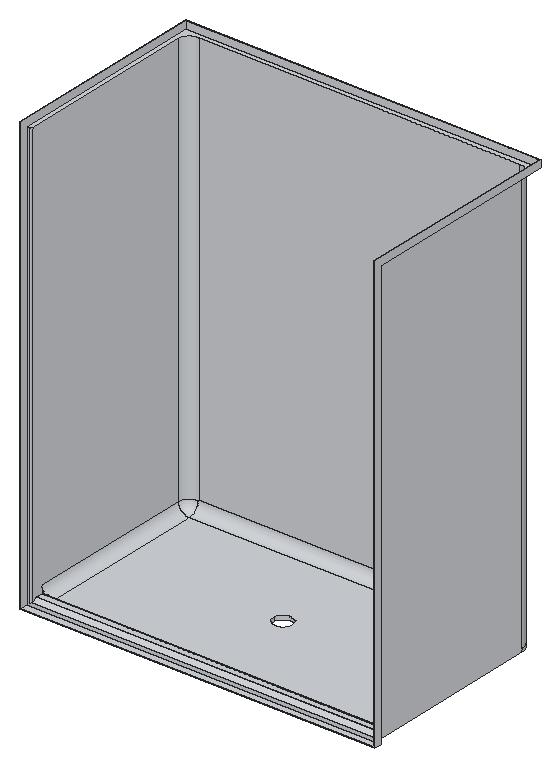
Revit family "OASIS SHFW-6235", category Plumbing Fixtures, Revit 2017
Family settings
  Round Connector Dimension = Use Diameter
  Part Type = Normal
  OmniClass Number = 23.45.05.14.17.11
  OmniClass Title = Shower Compartments
  Work Plane-Based = No
  Always vertical = Yes
  Cut with Voids When Loaded = No
  Shared = No
  Room Calculation Point = No
Parameters (values of type "Base Model, 3SF, 3SM, FH, TLRF, TLRFDS, & TLVRF packages")
  Width [instance] = 62"
  URL = "www.oasisbath.com"
  Type Comments = "SHOWER"  # constant formula
  Stainless Steel = none
  Shower Rod = no
  Seat Finish = none
  Seat_Fold = no
  Sanitary Radius = 1 11/16"
  Sanitary Connector = "Sanitary Connection"  # constant formula
  Product Documentation Link [instance] = "www.oasisbath.com"
  Model = "SHFW-6235/(3SF,3SM,TLRF,TLRFDS,TLVRF)"
  Manufacturer = "OASIS"  # constant formula
  Height [instance] = 76 3/4"
  Grab Bar Finish = none
  Bar_Vert = no
  Bar_Horz_Right = no
  Bar_Horz_Left = no
  Bar_Horz_Back_36" = no
  Bar_Horz_Back_48" = no
  BIM Model By = "www.epoch-design.com"
  Description = ""
  Depth [instance] = 36 1/4"
  Color = none
Types (6): name | Shower Rod | Seat_Fold | Model | Bar_Vert | Bar_Horz_Right | Bar_Horz_Left | Bar_Horz_Back_36" | Bar_Horz_Back_48"
  Base Model, 3SF, 3SM, FH, TLRF, TLRFDS, & TLVRF packages | no | no | "SHFW-6235/(3SF,3SM,TLRF,TLRFDS,TLVRF)" | no | no | no | no | no
  2BAR package | no | no | "SHFW-6235/2BAR" | no | no | yes | yes | no
  ADA-TL package | yes | yes | "SHFW-6235/ADA-TL" | no | no | yes | yes | no
  ADA-RI package | yes | no | "SHFW-6235/ADA-RI" | no | yes | yes | no | yes
  3BAR package | no | no | "SHFW-6235/3BAR" | yes | no | yes | yes | no
  ANS17 package | no | yes | "SHFW-6235/ANS17" | yes | no | yes | yes | no
Reference planes (in)
  plane 1 "Back": y = 0
  plane 2 "Floor": z = 0
  plane 3 "Center (Left/Right)": x = 0
Forms (in)
  Sweep 1, solid, material <- "Color", detail levels medium+fine
    path origin (0, 0, 0) x (1, 0, 0) y (0, 1, 0)
      loop
        line (30.875, -36.25) -> (30.875, -35) -> (30.25, -35)
        arc (30.25, -35) -> (30.07322, -34.92678) -> (30, -34.75) r 0.25
        line (30, -34.75) -> (30, -3)
        arc (30, -3) -> (29.41421, -1.58579) -> (28, -1) r 2
        line (28, -1) -> (-28, -1)
        arc (-28, -1) -> (-29.41421, -1.58579) -> (-30, -3) r 2
        line (-30, -3) -> (-30, -34.75)
        arc (-30, -34.75) -> (-30.07322, -34.92678) -> (-30.25, -35) r 0.25
        line (-30.25, -35) -> (-30.875, -35) -> (-30.875, -36.25)
    profile origin (-30.875, -35.625, 0) x (1, 0, 0) y (0, 0, 1)
      loop
        line (0, 75) -> (-0.125, 75) -> (-0.125, 0.75) -> (0, 0.75) -> (0, 75)
  Extrusion 2, solid, material <- "Color", detail levels medium+fine
    sketch origin (0, 0, 75) x (1, 0, 0) y (0, 1, 0)
      loop
        arc (-30.25, -34.875) -> (-30.16161, -34.83839) -> (-30.125, -34.75) r 0.125
        line (-30.125, -34.75) -> (-30.125, -3)
        arc (-30.125, -3) -> (-29.5026, -1.4974) -> (-28, -0.875) r 2.125
        line (-28, -0.875) -> (28, -0.875)
        arc (28, -0.875) -> (29.5026, -1.4974) -> (30.125, -3) r 2.125
        line (30.125, -3) -> (30.125, -34.75)
        arc (30.125, -34.75) -> (30.16161, -34.83839) -> (30.25, -34.875) r 0.125
        line (30.25, -34.875) -> (31, -34.875) -> (31, 0) -> (-31, 0) -> (-31, -34.875) -> (-30.25, -34.875)
    from -0.125 to 0
  Extrusion 3, solid, material <- "Color", detail levels medium+fine
    sketch origin (0, 0, 75) x (1, 0, 0) y (0, 1, 0)
      loop
        line (-31, 0) -> (-31, -36.25) -> (-30.875, -36.25) -> (-30.875, -0.125) -> (30.875, -0.125) -> (30.875, -36.25) -> (31, -36.25) -> (31, 0) -> (-31, 0)
    from 1.25 to 0
  Extrusion 4, solid, material <- "Color", detail levels medium+fine
    sketch origin (0, 0, 0.125) x (1, 0, 0) y (0, 1, 0)
      loop
        line (30.125, -35) -> (30.125, -3)
        arc (30.125, -3) -> (29.5026, -1.4974) -> (28, -0.875) r 2.125
        line (28, -0.875) -> (-28, -0.875)
        arc (-28, -0.875) -> (-29.5026, -1.4974) -> (-30.125, -3) r 2.125
        line (-30.125, -3) -> (-30.125, -35) -> (30.125, -35)
    from 0.625 to 0
  Extrusion 5, solid, material <- "Color", detail levels medium+fine
    sketch origin (-31, 0, 0) x (0, 1, 0) y (0, 0, 1)
      loop
        line (-36.25, 0) -> (-35, 0) -> (-35, 0.125) -> (-36.25, 0.125) -> (-36.25, 0)
    from 62 to 0
  Sweep 6, solid, material <- "Color", detail levels medium+fine
    path origin (0, 0, 0.75) x (1, 0, 0) y (0, 1, 0)
      loop
        line (30, -32.75) -> (30, -3)
        arc (30, -3) -> (29.41421, -1.58579) -> (28, -1) r 2
        line (28, -1) -> (-28, -1)
        arc (-28, -1) -> (-29.41421, -1.58579) -> (-30, -3) r 2
        line (-30, -3) -> (-30, -32.75)
    profile origin (-30, -17.875, 0.75) x (1, 0, 0) y (0, 0, 1)
      loop
        line (0, 1.875) -> (0, 0) -> (1.875, 0)
        arc (1.875, 0) -> (0.54917, 0.54917) -> (0, 1.875) r 1.875
  Extrusion 7, void
    sketch origin (0, 0, 0.125) x (1, 0, 0) y (0, 1, 0)
      loop
        circle (0, -17.5) r 1.6875
    from 0.75 to 0
  Extrusion 8, solid, material <- "Color", detail levels medium+fine
    sketch origin (0, 0, 0) x (1, 0, 0) y (0, 1, 0)
      loop
        line (31, -36.25) -> (31, -34.875) -> (30, -34.875) -> (30, -35) -> (30.875, -35) -> (30.875, -36.25) -> (31, -36.25)
    from 0.75 to 0
  Extrusion 9, solid, material <- "Color", detail levels medium+fine
    sketch origin (0, 0, 0) x (-1, 0, 0) y (0, -1, 0)
      loop
        line (31, 36.25) -> (30.875, 36.25) -> (30.875, 35) -> (30, 35) -> (30, 34.875) -> (31, 34.875) -> (31, 36.25)
    from 0.75 to 0
  Extrusion 10, solid, material <- "Color", detail levels medium+fine
    sketch origin (-30, 0, 0) x (0, 1, 0) y (0, 0, 1)
      loop
        line (-35, 0.75) -> (-32, 0.75) -> (-32.71851, 1.22901)
        arc (-32.71851, 1.22901) -> (-32.75162, 1.24464) -> (-32.78785, 1.25) r 0.125
        line (-32.78785, 1.25) -> (-33.97049, 1.25)
        arc (-33.97049, 1.25) -> (-33.99921, 1.24666) -> (-34.02639, 1.2368) r 0.125
        line (-34.02639, 1.2368) -> (-35, 0.75)
    from 0 to 60
  Extrusion 11, solid, detail levels coarse
    sketch origin (0, 0, 0) x (1, 0, 0) y (0, 1, 0)
      loop
        line (-31, 0) -> (-31, -36.25) -> (31, -36.25) -> (31, 0) -> (-31, 0)
    from 0 to 76.25
Cuts and joins
  Extrusion 7 cuts Sweep 1
  Extrusion 7 cuts Extrusion 2
  Extrusion 7 cuts Extrusion 3
  Extrusion 7 cuts Extrusion 4
  Extrusion 7 cuts Extrusion 5
  Extrusion 7 cuts Sweep 6
  joined: Sweep 1, Extrusion 2, Extrusion 3, Extrusion 4, Extrusion 5, Sweep 6, Extrusion 8, Extrusion 9, Extrusion 10
Lines and regions (in)
  symbolic lines
    curve 1: line (0, -36.25, 76.25) -> (0, -36.25, 0)
    curve 14: line (0, -36.25, 76.25) -> (0, 0, 76.25)
    curve 18: line (-31, 0, 0) -> (31, 0, 0)
    curve 23: line (-31, 0, 76.25) -> (-31, 0, 0)
    curve 24: line (31, 0, 76.25) -> (31, 0, 0)
    curve 27: line (-30.875, 0, 76.25) -> (31, 0, 76.25)
    curve 30: line (31, 0, 0) -> (-31, 0, 0)
    curve 31: line (-31, 0, 0) -> (-31, -36.25, 0)
    curve 32: line (31, 0, 0) -> (31, -36.25, 0)
    curve 33: line (-30.875, -36.25, 0) -> (-31, -36.25, 0)
    curve 48: line (30.875, -36.25, 0) -> (-30.875, -36.25, 0)
    curve 55: line (31, -36.25, 0) -> (30.875, -36.25, 0)
  symbolic lines, detail levels medium+fine
    curve 2: line (0, -36.25, 0) -> (0, -36, 0)
    curve 3: line (0, -36, 0) -> (0, -36, 0.125)
    curve 4: line (0, -36, 0.125) -> (0, -35, 0.125)
    curve 5: line (0, -35, 0.75) -> (0, -34, 1.25)
    curve 6: line (0, -32.75, 1.25) -> (0, -34, 1.25)
    curve 7: line (0, -32.75, 1.25) -> (0, -32, 0.75)
    curve 8: line (0, -32, 0.75) -> (0, -19.1875, 0.125)
    curve 9: line (0, -19.1875, 0.125) -> (0, -19.1875, 0)
    curve 10: line (0, -15.8125, 0) -> (0, -15.8125, 0.125)
    curve 11: line (0, -15.8125, 0.125) -> (0, -2.91569, 0.66917)
    curve 12: line (0, -1, 2.66739) -> (0, -1, 75)
    curve 13: line (0, -35, 0.125) -> (0, -35, 75)
    curve 15: line (0, -35, 75) -> (0, 0, 75)
    curve 16: line (0, 0, 75) -> (0, 0, 76.25)
    curve 17: arc (0, -2.91569, 0.66917) -> (0, -1.55628, 1.28331) -> (0, -1, 2.66739) r 2
    curve 21: line (-29.39975, 0, 1.25) -> (29.39975, 0, 1.25)
    curve 22: line (-30, 0, 75) -> (-30, 0, 2.625)
    curve 25: line (30, 0, 75) -> (30, 0, 2.625)
    curve 26: line (-30.875, 0, 75) -> (30.875, 0, 75)
    curve 34: line (30.25, -35, 0) -> (-30.25, -35, 0)
    curve 36: line (28, -1, 0) -> (-28, -1, 0)
    curve 37: line (-30, -3, 0) -> (-30, -34.75, 0)
    curve 38: line (30, -3, 0) -> (30, -34.75, 0)
    curve 39: arc (-30, -3, 0) -> (-29.41421, -1.58579, 0) -> (-28, -1, 0) r 2
    curve 40: arc (28, -1, 0) -> (29.41421, -1.58579, 0) -> (30, -3, 0) r 2
    curve 44: line (31, -36.25, 0) -> (30.875, -36.25, 0)
    curve 45: circle (0, -17.5, 0) r 1.6875 normal (0, 0, 1)
    curve 56: line (30.875, -35, 0) -> (30.875, -36.25, 0)
    curve 57: line (-30.875, -35, 0) -> (-30.875, -36.25, 0)
    curve 60: line (-30.875, -35, 0.125) -> (-30.25, -35, 0.125)
    curve 61: arc (-30, -34.75, 0.125) -> (-30.07322, -34.92678, 0.125) -> (-30.25, -35, 0.125) r 0.25
    curve 62: arc (30.25, -35, 0.125) -> (30.07322, -34.92678, 0.125) -> (30, -34.75, 0.125) r 0.25
    curve 63: line (30.25, -35, 0.125) -> (30.875, -35, 0.125)
    curve 64: arc (-30, 0, 2.625) -> (-29.8434, 0, 1.87485) -> (-29.39975, 0, 1.25) r 1.875
    curve 65: arc (30, 0, 2.625) -> (29.8434, 0, 1.87485) -> (29.39975, 0, 1.25) r 1.875
    curve 68: line (0, -19.1875, 0) -> (0, -15.8125, 0)
  symbolic lines, detail levels fine
    curve 19: line (-30.875, 0, 0.125) -> (30.875, 0, 0.125)
    curve 20: line (-30, 0, 0.75) -> (30, 0, 0.75)
    curve 28: line (30.875, 0, 76.25) -> (30.875, 0, 0)
    curve 29: line (-30.875, 0, 76.25) -> (-30.875, 0, 0)
    curve 35: line (30, -32, 0) -> (-30, -32, 0)
    curve 41: line (-30.875, -0.125, 0) -> (-30.875, -35, 0)
    curve 42: line (30.875, -0.125, 0) -> (-30.875, -0.125, 0)
    curve 43: line (30.875, -0.125, 0) -> (30.875, -35, 0)
    curve 58: line (30, -34, 0) -> (-30, -34, 0)
    curve 59: line (30, -32.75, 0) -> (-30, -32.75, 0)
    curve 66: line (-30, 0, 0.75) -> (-30, 0, 2.625)
    curve 67: line (30, 0, 2.625) -> (30, 0, 0.75)
  symbolic lines, style "PlumbingFixturesHiddenLines", detail levels coarse
    curve 46: line (-31, 0, 0) -> (31, -36.25, 0)
    curve 47: line (31, 0, 0) -> (-31, -36.25, 0)
    curve 49: line (-31, 0, 76.25) -> (31, 0, 0)
    curve 50: line (-31, 0, 0) -> (31, 0, 76.25)
    curve 53: line (0, -36.25, 76.25) -> (0, 0, 0)
    curve 54: line (0, 0, 76.25) -> (0, -36.25, 0)
  symbolic lines, detail levels coarse
    curve 51: line (0, 0, 0) -> (0, 0, 75)
    curve 52: line (0, -36, 0) -> (0, 0, 0)
Dimensions and locks (in)
  aligned and locked: plane 2 "Floor" to level
  aligned and locked: Sweep 1 sketch curve to curve 39
  aligned and locked: Sweep 1 sketch curve to curve 40
  aligned and locked: Extrusion 2 sketch curve to Sweep 1  (x4)
  aligned and locked: Extrusion 4 sketch curve to cut or joined group 1 (Sweep 1, Extrusion 2, Extrusion 3, Extrusion 4, Extrusion 5, Sweep 6, Extrusion 7, Extrusion 8, Extrusion 9, Extrusion 10)  (x2)
  aligned and locked: curve 61 to cut or joined group 1
  aligned and locked: curve 62 to cut or joined group 1
  aligned and locked: Sweep 6 sketch curve to curve 39
  aligned and locked: Sweep 6 sketch curve to curve 40
  aligned and locked: Extrusion 7 sketch curve to curve 45
  aligned and locked: curve 66 to cut or joined group 1
  aligned and locked: cut or joined group 1 to curve 67
  aligned and locked: Extrusion 5 to Extrusion 11
Nested families (in)
  nested 1: "Label Annotation 1-16" at (0, -17.5, 0), type "Label Annotation 1-16", detail levels coarse
  nested 2: "Grab Bar-A" at (12.875, -1, 34.5) x (1, 0, 0) z (0, -1, 0), visible <- "Bar_Horz_Back_36"", type "Grab Bar-A", detail levels fine
    with Length 36"
  nested 3: "Grab Bar-A" at (24.875, -1, 34.5) x (1, 0, 0) z (0, -1, 0), visible <- "Bar_Horz_Back_48"", type "Grab Bar-A", detail levels fine
    with Length 48"
  nested 4: "Grab Bar-A" at (-30, -7, 34.5) x (0, 1, 0) z (1, 0, 0), visible <- "Bar_Horz_Left", type "Grab Bar-A", detail levels fine
    with Length 26"
  nested 5: "Grab Bar-A" at (30, -7, 34.5) x (0, 1, 0) z (-1, 0, 0), visible <- "Bar_Horz_Right", type "Grab Bar-A", detail levels fine
    with Length 26"
  nested 6: "Curtain Rod-A" at (-30, -33, 72.5) x (0, -1, 0) z (1, 0, 0), visible <- "Shower Rod", type "Curtain Rod-A", detail levels fine
    with Length 60"
  nested 7: "Folding Seat-A" at (30, -17.25, 18.25) x (0, -1, 0) z (-1, 0, 0), visible <- "Seat_Fold", type "Folding Seat-A"
  nested 8: "Grab Bar-A" at (-30, -33, 62.5) x (0, 0, 1) z (1, 0, 0), visible <- "Bar_Vert", type "Grab Bar-A", detail levels fine
    with Length 24"
Connectors (in)
  piping at (0, -17.5, 0.125), diameter 3.375, driven by "Sanitary Connector"
    settings: on cut or joined group 1, index 1, connector inside diameter 3 3/8", connector length 0", flow factor 0, pipe flow 0 GPM, pressure drop 0.00 psi, fitting loss kfactor 0, connector angle 0.00°, fixture units 0, engagement length 0", angle of deflection 0.00°, flow configuration 0, flow direction 2, fitting loss method 0, system type 16, joint type 0, gender type 0, connector reference index -1, connector utility 0, adjustable connector no, is connector primary yes, connector description "Sanitary Connection"
Definition of nested family "Grab Bar-A"
  Parameters
    Radius = Diameter / 2  # 5/8"
    Outside Corner = Diameter * 1.5  # 1 7/8"
    Length [instance] = 24"
    Inside Corner = Diameter / 2  # 5/8"
    Diameter = 1 1/4"
    Depth = Diameter  # 1 1/4"
    Default Elevation = 0"
    Grab Bar Color = none
  Reference planes (in)
    plane 1 "Center (Front/Back)": y = 0
    plane 2 "Wall": z = 0
    plane 3 "Right": x = 0
    plane 4 "Left": x = -24
    plane 5: y = 0.625
    plane 6: y = -0.625
    plane 7: x = -23.375
    plane 8: x = -24.625
    plane 9: x = -0.625
    plane 10: x = 0.625
    plane 11: z = 1.25
    plane 12: z = 1.875
    plane 13: z = 2.5
  Forms (in)
    Extrusion 1, solid
      sketch origin (-10.75, -0.25, 0) x (1, 0, 0) y (0, 1, 0)
        loop
          line (-57.75, 48) -> (-57.75, -48) -> (27.8657, -48) -> (27.8657, 48) -> (-57.75, 48)
      from 0 to -12
    Sweep 2, solid, material <- "Grab Bar Color"
      path origin (0, 0, 0) x (1, 0, 0) y (0, 0, 1)
        loop
          line (0, 0) -> (0, 0.75)
          arc (0, 0.75) -> (-0.3295, 1.5455) -> (-1.125, 1.875) r 1.125
          line (-1.125, 1.875) -> (-22.625, 1.875)
          arc (-22.625, 1.875) -> (-23.59727, 1.47227) -> (-24, 0.5) r 1.375
          line (-24, 0.5) -> (-24, 0)
      profile origin (-24, 0, 0.25) x (0, -1, 0) y (1, 0, 0)
        loop
          circle (0, 0) r 0.625
  Lines and regions (in)
    symbolic lines
      curve 1: line (-24.625, 0, 0.625) -> (-24.625, 0, 0)
      curve 2: line (-23.375, 0, 0.625) -> (-23.375, 0, 0)
      curve 3: line (-22.75, 0, 1.25) -> (-1.25, 0, 1.25)
      curve 4: line (-22.75, 0, 2.5) -> (-1.25, 0, 2.5)
      curve 5: line (-0.625, 0, 0.625) -> (-0.625, 0, 0)
      curve 6: line (0.625, 0, 0.625) -> (0.625, 0, 0)
      curve 7: arc (-23.375, 0, 0.625) -> (-23.19194, 0, 1.06694) -> (-22.75, 0, 1.25) r 0.625
      curve 8: arc (-1.25, 0, 1.25) -> (-0.80806, 0, 1.06694) -> (-0.625, 0, 0.625) r 0.625
      curve 9: arc (-24.625, 0, 0.625) -> (-24.07583, 0, 1.95083) -> (-22.75, 0, 2.5) r 1.875
      curve 10: arc (-1.25, 0, 2.5) -> (0.07583, 0, 1.95083) -> (0.625, 0, 0.625) r 1.875
      curve 11: line (-24, 0.625, 0) -> (0, 0.625, 0)
      curve 12: line (-24, -0.625, 0) -> (0, -0.625, 0)
      curve 13: arc (-24.625, 0, 0) -> (-24.44194, 0.44194, 0) -> (-24, 0.625, 0) r 0.625
      curve 14: arc (-24.625, 0, 0) -> (-24.44194, -0.44194, 0) -> (-24, -0.625, 0) r 0.625
      curve 15: arc (0, 0.625, 0) -> (0.44194, 0.44194, 0) -> (0.625, 0, 0) r 0.625
      curve 16: arc (0.625, 0, 0) -> (0.44194, -0.44194, 0) -> (0, -0.625, 0) r 0.625
      curve 17: line (0, -0.625, 1.875) -> (0, -0.625, 0)
      curve 18: line (0, 0.625, 1.875) -> (0, 0.625, 0)
      curve 19: arc (0, -0.625, 1.875) -> (0, -0.44194, 2.31694) -> (0, 0, 2.5) r 0.625
      curve 20: arc (0, 0, 2.5) -> (0, 0.44194, 2.31694) -> (0, 0.625, 1.875) r 0.625
  Dimensions and locks (in)
    "Length": plane 4 "Left" to plane 3 "Right"
    equal spacing: plane 8, plane 4 "Left", plane 7
    "Diameter": plane 8 to plane 7
    equal spacing: plane 9, plane 3 "Right", plane 10
    "Diameter": plane 9 to plane 10
    equal spacing: plane 5, plane 1 "Center (Front/Back)", plane 6
    "Diameter": plane 5 to plane 6
    equal spacing: plane 13, plane 12, plane 11
    "Diameter": plane 13 to plane 11
    "Depth": plane 11 to level
    "Inside Corner": radius of curve 7
    "Outside Corner": radius of curve 9
    "Inside Corner": radius of curve 8
    "Outside Corner": radius of curve 10
    "Radius": radius of curve 13
    "Radius": radius of curve 14
    "Radius": radius of curve 16
    "Radius": radius of curve 15
    "Radius": radius of curve 19
    "Radius": radius of curve 20
    aligned and locked: plane 2 "Wall" to Extrusion 1
    aligned and locked: level to Extrusion 1
    aligned and locked: curve 1 to plane 8
    aligned and locked: curve 2 to plane 7
    aligned and locked: curve 3 to plane 11
    aligned and locked: curve 4 to plane 13
    aligned and locked: curve 5 to plane 9
    aligned and locked: curve 11 to plane 5
    aligned and locked: curve 12 to plane 6
    aligned and locked: curve 17 to plane 6
    aligned and locked: curve 18 to plane 5
    aligned and locked: Sweep 2 sketch curve to plane 4 "Left"
    aligned and locked: Sweep 2 sketch curve to plane 12
    aligned and locked: Sweep 2 sketch curve to plane 3 "Right"
    aligned and locked: Sweep 2 sketch curve to curve 13
  Automatic sketch dimensions
    Extrusion 1 sketch curve to Extrusion 1 sketch curve = 85.6157"
    Extrusion 1 sketch curve to Extrusion 1 sketch curve = 96"
    curve 8 to curve 10 = 0"
    curve 6 to level = 0"
    curve 1 to level = 0"
    curve 2 to level = 0"
    curve 5 to level = 0"
    curve 12 to plane 3 "Right" = 0"
    curve 18 to level = 0"
    curve 17 to curve 18 = 0"
    curve 18 to plane 12 = 0"
    plane 7 to Sweep 2 sketch curve = 3/4"
    level to Sweep 2 sketch curve = 3/4"
    Sweep 2 sketch curve to level = 0"  (x2)
    curve 13 to curve 14 = 0"
    curve 12 to plane 4 "Left" = 0"
Definition of nested family "Curtain Rod-A"
  Parameters
    Length [instance] = 48"
    Default Elevation = 0"
    Curtain Rod Color = none
  Reference planes (in)
    plane 1 "Center (Front/Back)": y = 0
    plane 2: z = 0
    plane 3 "Center (Left/Right)": x = 0
  Forms (in)
    Extrusion 1, solid
      sketch origin (0, 0, 0) x (1, 0, 0) y (0, 1, 0)
        loop
          line (-48, 48) -> (-48, -48) -> (48, -48) -> (48, 48) -> (-48, 48)
      from 0 to -12
    Extrusion 2, solid
      sketch origin (0, 0, 0) x (1, 0, 0) y (0, 1, 0)
        loop
          circle (0, 0) r 0.5
      from 0 to 48 <- "Length"
  Lines and regions (in)
    symbolic lines
      curve 1: line (-0.5, 0, 48) -> (-0.5, 0, 0)
      curve 2: line (0.5, 0, 48) -> (0.5, 0, 0)
      curve 3: line (0.5, 0, 0) -> (-0.5, 0, 0)
      curve 4: line (0.5, 0, 48) -> (-0.5, 0, 48)
      curve 5: line (0, 0.5, 48) -> (0, -0.5, 48)
      curve 6: line (0, 0.5, 0) -> (0, -0.5, 0)
      curve 7: line (0, 0.5, 0) -> (0, 0.5, 48)
      curve 8: line (0, -0.5, 0) -> (0, -0.5, 48)
      curve 9: circle (0, 0, 0) r 0.5 normal (0, 0, 1)
  Dimensions and locks (in)
    aligned and locked: plane 2 to Extrusion 1
    aligned and locked: level to Extrusion 1
    aligned and locked: Extrusion 1 to curve 3
    aligned and locked: curve 4 to Extrusion 2
    aligned and locked: curve 5 to Extrusion 2
    aligned and locked: Extrusion 1 to curve 6
Definition of nested family "Folding Seat-A"
  Parameters
    Width = 13 1/2"
    Shower Seat Frame = none
    Shower Seat = none
    Lenght = 29 1/2"
    Depth = 1/2"
    Default Elevation = 0"
  Reference planes (in)
    plane 1 "Center (Front/Back)": y = 0
    plane 2: z = 0
    plane 3 "Center (Left/Right)": x = 0
    plane 4: x = -14.75
    plane 5: x = 14.75
    plane 6: z = 16
    plane 7: z = 2.5
    plane 8: y = -0.5
  Forms (in)
    Extrusion 1, solid
      sketch origin (0, 0, 0) x (1, 0, 0) y (0, 1, 0)
        loop
          line (-48, 48) -> (-48, -48) -> (48, -48) -> (48, 48) -> (-48, 48)
      from 0 to -12
    Extrusion 2, solid, material <- "Shower Seat", detail levels fine
      sketch origin (0, 0, 0) x (1, 0, 0) y (0, 0, 1)
        loop
          arc (-12.75, 16) -> (-14.16421, 15.41421) -> (-14.75, 14) r 2
          line (-14.75, 14) -> (-14.75, 4.5)
          arc (-14.75, 4.5) -> (-14.16421, 3.08579) -> (-12.75, 2.5) r 2
          line (-12.75, 2.5) -> (12.75, 2.5)
          arc (12.75, 2.5) -> (14.16421, 3.08579) -> (14.75, 4.5) r 2
          line (14.75, 4.5) -> (14.75, 14)
          arc (14.75, 14) -> (14.16421, 15.41421) -> (12.75, 16) r 2
          line (12.75, 16) -> (-12.75, 16)
      from 0 to 0.5
    Extrusion 3, void
      sketch origin (0, 0, 0) x (1, 0, 0) y (0, 0, 1)
        loop
          line (-8.5, 11.25) -> (-2.25, 11.25)
          arc (-2.25, 11.25) -> (-2.07322, 11.32322) -> (-2, 11.5) r 0.25
          line (-2, 11.5) -> (-2, 11.75)
          arc (-2, 11.75) -> (-2.07322, 11.92678) -> (-2.25, 12) r 0.25
          line (-2.25, 12) -> (-8.5, 12)
          arc (-8.5, 12) -> (-8.67678, 11.92678) -> (-8.75, 11.75) r 0.25
          line (-8.75, 11.75) -> (-8.75, 11.5)
          arc (-8.75, 11.5) -> (-8.67678, 11.32322) -> (-8.5, 11.25) r 0.25
        loop
          line (-8.5, 6.5) -> (-2.25, 6.5)
          arc (-2.25, 6.5) -> (-2.07322, 6.57322) -> (-2, 6.75) r 0.25
          line (-2, 6.75) -> (-2, 7)
          arc (-2, 7) -> (-2.07322, 7.17678) -> (-2.25, 7.25) r 0.25
          line (-2.25, 7.25) -> (-8.5, 7.25)
          arc (-8.5, 7.25) -> (-8.67678, 7.17678) -> (-8.75, 7) r 0.25
          line (-8.75, 7) -> (-8.75, 6.75)
          arc (-8.75, 6.75) -> (-8.67678, 6.57322) -> (-8.5, 6.5) r 0.25
        loop
          line (2.25, 11.25) -> (8.5, 11.25)
          arc (8.5, 11.25) -> (8.67678, 11.32322) -> (8.75, 11.5) r 0.25
          line (8.75, 11.5) -> (8.75, 11.75)
          arc (8.75, 11.75) -> (8.67678, 11.92678) -> (8.5, 12) r 0.25
          line (8.5, 12) -> (2.25, 12)
          arc (2.25, 12) -> (2.07322, 11.92678) -> (2, 11.75) r 0.25
          line (2, 11.75) -> (2, 11.5)
          arc (2, 11.5) -> (2.07322, 11.32322) -> (2.25, 11.25) r 0.25
        loop
          line (2.25, 6.5) -> (8.5, 6.5)
          arc (8.5, 6.5) -> (8.67678, 6.57322) -> (8.75, 6.75) r 0.25
          line (8.75, 6.75) -> (8.75, 7)
          arc (8.75, 7) -> (8.67678, 7.17678) -> (8.5, 7.25) r 0.25
          line (8.5, 7.25) -> (2.25, 7.25)
          arc (2.25, 7.25) -> (2.07322, 7.17678) -> (2, 7) r 0.25
          line (2, 7) -> (2, 6.75)
          arc (2, 6.75) -> (2.07322, 6.57322) -> (2.25, 6.5) r 0.25
      from 0 to 0.5
    Extrusion 4, solid, detail levels fine
      sketch origin (0, 0.25, 0) x (1, 0, 0) y (0, 0, 1)
        loop
          line (-11.5, 0.25) -> (-10, 0.25) -> (-10, 8.5) -> (10, 8.5) -> (10, 0.25) -> (11.5, 0.25) -> (11.5, 15) -> (10, 15) -> (10, 10) -> (-10, 10) -> (-10, 15) -> (-11.5, 15) -> (-11.5, 0.25)
      from 0.75 to 2.25
    Extrusion 5, solid, detail levels fine
      sketch origin (0, 0, 0) x (1, 0, 0) y (0, 0, 1)
        loop
          line (-11.5, 2.5) -> (-11.625, 2.5) -> (-11.625, 0) -> (-9.875, 0) -> (-9.875, 2.5) -> (-10, 2.5) -> (-10, 0.125) -> (-11.5, 0.125) -> (-11.5, 2.5)
      from 0 to 6
    Extrusion 6, solid, detail levels fine
      sketch origin (0, 0, 0) x (-1, 0, 0) y (0, 0, -1)
        loop
          line (-11.5, -2.5) -> (-11.5, -0.125) -> (-10, -0.125) -> (-10, -2.5) -> (-9.875, -2.5) -> (-9.875, 0) -> (-11.625, 0) -> (-11.625, -2.5) -> (-11.5, -2.5)
      from 0 to 6
  Cuts and joins
    Extrusion 3 cuts Extrusion 2
  Dimensions and locks (in)
    equal spacing: plane 5, plane 3 "Center (Left/Right)", plane 4
    "Lenght": plane 5 to plane 4
    plane 7 to level = 2 1/2"
    "Width": plane 6 to plane 7
    "Depth": plane 8 to plane 1 "Center (Front/Back)"
    plane 8 to plane 1 "Center (Front/Back)" = 1/2"
    aligned and locked: plane 2 to Extrusion 1
    aligned and locked: level to Extrusion 1
    aligned and locked: Extrusion 2 sketch curve to plane 6
    aligned and locked: plane 4 to Extrusion 2 sketch curve
    aligned and locked: plane 7 to Extrusion 2 sketch curve
    aligned and locked: Extrusion 2 sketch curve to plane 5
    aligned and locked: Extrusion 2 to Extrusion 3
    aligned and locked: Extrusion 2 to plane 1 "Center (Front/Back)"
    aligned and locked: Extrusion 4 sketch curve to Extrusion 4 sketch curve  (x3)
    aligned and locked: Extrusion 4 to Extrusion 5 sketch curve
    aligned and locked: Extrusion 5 sketch curve to Extrusion 4
    aligned and locked: Extrusion 1 to Extrusion 5 sketch curve
    aligned and locked: cut or joined group of Extrusion 2, Extrusion 3 to Extrusion 5 sketch curve  (x2)
  Automatic sketch dimensions
    Extrusion 1 sketch curve to Extrusion 1 sketch curve = 96"  (x2)
    plane 4 to Extrusion 2 sketch curve = 2"  (x2)
    plane 7 to Extrusion 2 sketch curve = 2"
    Extrusion 2 sketch curve to plane 5 = 2"
    plane 4 to Extrusion 3 sketch curve = 6"
    plane 7 to Extrusion 3 sketch curve = 4"  (x2)
    Extrusion 3 sketch curve to Extrusion 3 sketch curve = 0"  (x6)
    Extrusion 3 sketch curve to Extrusion 3 sketch curve = 1/4"  (x16)
    Extrusion 3 sketch curve to plane 3 "Center (Left/Right)" = 2 1/4"  (x2)
    plane 3 "Center (Left/Right)" to Extrusion 3 sketch curve = 2"  (x2)
    Extrusion 3 sketch curve to plane 5 = 6 1/4"
    Extrusion 3 sketch curve to Extrusion 3 sketch curve = 4"  (x2)
    level to Extrusion 4 sketch curve = 1/4"
    plane 4 to Extrusion 4 sketch curve = 3 1/4"
    plane 7 to Extrusion 4 sketch curve = 6"
    plane 4 to Extrusion 4 sketch curve = 4 3/4"
    Extrusion 4 sketch curve to plane 5 = 4 3/4"
    Extrusion 4 sketch curve to Extrusion 4 sketch curve = 1 1/2"  (x2)
    Extrusion 4 sketch curve to plane 6 = 1"  (x2)
    plane 4 to Extrusion 5 sketch curve = 3 1/8"
    level to Extrusion 5 sketch curve = 1/8"
    Extrusion 5 sketch curve to Extrusion 5 sketch curve = 1/8"
    Extrusion 6 sketch curve to level = 0"
    Extrusion 6 sketch curve to plane 7 = 0"  (x2)
    plane 5 to Extrusion 6 sketch curve = 3 1/8"
    Extrusion 6 sketch curve to level = 1/8"
    Extrusion 6 sketch curve to Extrusion 6 sketch curve = 1/8"  (x2)
    Extrusion 6 sketch curve to Extrusion 6 sketch curve = 1 1/2"
Definition of nested family "Label Annotation 1-16"
  Parameters
    Label = ""
  Reference planes (in)
    plane 1: y = 0
    plane 2: x = 0
  Text (in)
    label "Label" at (0.00375, -0.00345, 0), shows "Label"
